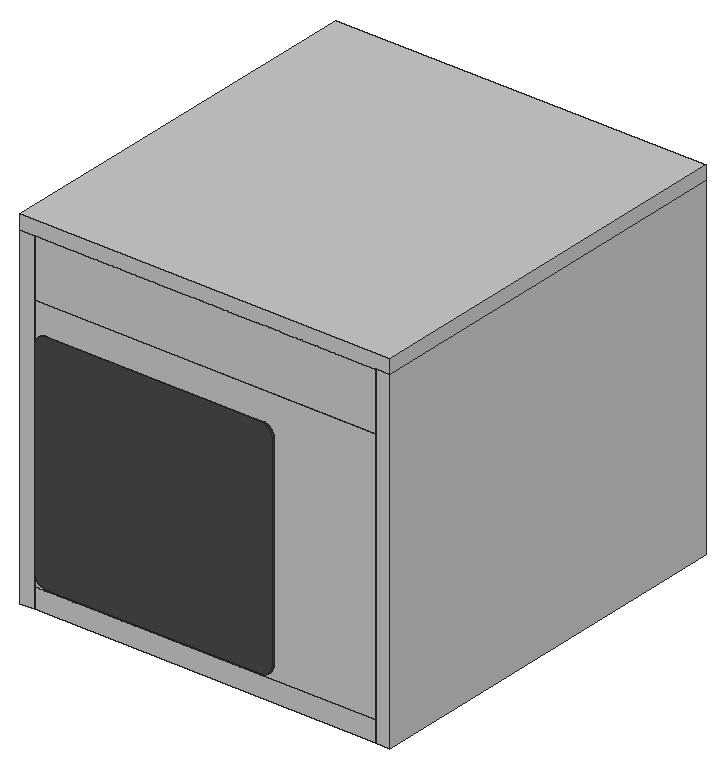
Revit family "QF_ZANUSSI_730290_IGF166I64SNP", category Attrezzature speciali, Revit 2018
Family settings
  Quota connettore circolare = Usa diametro
  Tipo di parte = Normale
  Basato su piano di lavoro = No
  Sempre verticale = Sì
  Taglio con vuoti quando caricato = No
  Condiviso = No
  Punto di calcolo locali = No
Parameters (values of type "Standard")
  Weight = 75.00 kg
  Watts = 0 W
  Volts = 220 V
  URL Manufacturer = "http://www.zanussiprofessional.com"
  URL = "http://www.zanussiprofessional.com"
  Steam Supply Size = 0 mm
  Steam Supply Minimum Pressure = 0.0 Pa
  Steam Supply Maximum Pressure = 0.0 Pa
  Steam Pounds per Hour = 0
  Show Logo [instance] = yes
  Show Clearance [instance] = yes
  Refrigeration Suction Line Size = 0 mm
  Refrigeration Liquid Line Size = 0 mm
  Refrigerant Compressor Remote = yes
  Produttore = "Zanussi"
  Phase = 1
  Modello = "IGF166I64SNP"
  Length Actual = 515 mm  # constant formula
  Item Number = "730290"
  Hot Water Size = 0 mm
  Height Actual = 1460 mm  # constant formula
  HP = "0 HP"
  Gas Size = 0 mm
  Gas KW = 0
  Gas Input Pressure = 0 W
  Descrizione = "WATER COOLED GRANULAR ICE 178KG/24H-BIN 60KG"
  Depth Actual = 550 mm  # constant formula
  Cycle = 50 Hz
  Condensate Return Size = 0 mm
  Compressed Air Volume = 0.0 L/s
  Compressed Air Size = 0 mm
  Compressed Air Pressure = 0.0 Pa
  Cold Water Size = 19.05 mm
  Accessory = yes
Reference planes
  plane 1 "Center X": y = 272.851
  plane 2: z = 0
  plane 3 "Center Y": x = -501.5
  plane 4 "LEFT": x = -759
  plane 5 "BACK": y = 547.851
  plane 6 "RIGHT": x = -244
  plane 7 "FRONT": y = -2.149
  plane 8 "TOP": z = 486
  plane 9: x = -739
  plane 10: x = -264
  plane 11: z = 28
  plane 12: z = 466
  plane 13: z = 386
Forms (mm)
  Extrusion 1, solid, material "QF_Finishes_Stainless Steel"
    sketch origin (0, 0, 0) x (1, 0, 0) y (0, 1, 0)
      loop
        line (-759, 547.851) -> (-759, -2.149) -> (-739, -2.149) -> (-739, 547.851) -> (-759, 547.851)
      loop
        line (-264, 547.851) -> (-264, -2.149) -> (-244, -2.149) -> (-244, 547.851) -> (-264, 547.851)
    from 0 to 466
  Extrusion 2, solid, material "QF_Finishes_Stainless Steel"
    sketch origin (0, 0, 0) x (1, 0, 0) y (0, 1, 0)
      loop
        line (-759, 547.851) -> (-759, -2.149) -> (-244, -2.149) -> (-244, 547.851) -> (-759, 547.851)
    from 466 to 486
  Extrusion 3, solid, material "QF_Finishes_Stainless Steel"
    sketch origin (0, 0, 0) x (1, 0, 0) y (0, 1, 0)
      loop
        line (-739, 547.851) -> (-739, -2.149) -> (-264, -2.149) -> (-264, 547.851) -> (-739, 547.851)
    from 0 to 28
  Extrusion 4, solid, material "QF_Finishes_Black"
    sketch origin (-264, -2.149, 0) x (-1, 0, 0) y (0, 0, -1)
      loop
        arc (457.5, -346) -> (468.107, -341.607) -> (472.5, -331) r 15
        line (472.5, -331) -> (472.5, -46.529)
        arc (472.5, -46.529) -> (468.107, -35.923) -> (457.5, -31.529) r 15
        line (457.5, -31.529) -> (156.771, -31.529)
        arc (156.771, -31.529) -> (146.165, -35.923) -> (141.771, -46.529) r 15
        line (141.771, -46.529) -> (141.771, -331)
        arc (141.771, -331) -> (146.165, -341.607) -> (156.771, -346) r 15
        line (156.771, -346) -> (457.5, -346)
    from 0 to 2
  Extrusion 5, solid, material "QF_Finishes_Stainless Steel"
    sketch origin (0, 0, 358) x (1, 0, 0) y (0, 1, 0)
      loop
        line (-739, 17.851) -> (-739, -2.149) -> (-264, -2.149) -> (-264, 17.851) -> (-739, 17.851)
    from 28 to 108
  Extrusion 6, solid, material "QF_Finishes_Stainless Steel"
    sketch origin (-501.5, 0, 0) x (0, 1, 0) y (0, 0, 1)
      loop
        line (547.851, 28) -> (547.851, 466) -> (17.851, 466) -> (17.851, 386) -> (-2.149, 386) -> (-2.149, 28) -> (547.851, 28)
    from -237.5 to 237.5
  Extrusion 7, solid, material "QF_Finishes_Stainless Steel"
    sketch origin (-530.119, 547.851, 466.153) x (0, 0, -1) y (-1, 0, 0)
      loop
        circle (415.153, -214.119) r 10
    from 0 to 10
  Extrusion 8, solid, material "QF_Finishes_Stainless Steel"
    sketch origin (-560.119, 547.851, 479.153) x (0, 0, -1) y (-1, 0, 0)
      loop
        circle (415.153, -214.119) r 10
    from 0 to 10
  Extrusion 9, solid, material "QF_Finishes_Stainless Steel"
    sketch origin (-570.119, 547.851, 454.153) x (0, 0, -1) y (-1, 0, 0)
      loop
        circle (415.153, -214.119) r 10
    from 0 to 10
Lines and regions (mm)
  Split face 1
    outline origin (-264, -2.149, 358) x (-1, 0, 0) y (0, 0, -1)
      loop
        line (111.166, -89.646) -> (111.166, -44.646) -> (36.166, -44.646) -> (36.166, -89.646) -> (111.166, -89.646)
  Split face 2
    outline origin (-264, -2.149, 358) x (-1, 0, 0) y (0, 0, -1)
      loop
        line (66.801, -84.104) -> (66.801, -49.914) -> (41.176, -49.914) -> (41.176, -84.104) -> (66.801, -84.104)
  symbolic lines
    curve 1: line (-759, 547.851, 0) -> (-244, 547.851, 0)
    curve 2: line (-759, -2.149, 0) -> (-759, 547.851, 0)
    curve 3: line (-244, -2.149, 0) -> (-759, -2.149, 0)
    curve 4: line (-244, 547.851, 0) -> (-244, -2.149, 0)
Dimensions and locks
  equal spacing: plane 4 "LEFT", plane 3 "Center Y", plane 6 "RIGHT"
  plane 4 "LEFT" to plane 6 "RIGHT" = 515 mm
  plane 5 "BACK" to plane 7 "FRONT" = 550 mm
  equal spacing: plane 5 "BACK", plane 1 "Center X", plane 7 "FRONT"
  plane 8 "TOP" to plane 2 = 486 mm
  locked: plane 4 "LEFT" to plane 9 at 20
  locked: plane 10 to plane 6 "RIGHT" at 20
  locked: plane 11 to plane 2 at 28
  locked: plane 8 "TOP" to plane 12 at 20
  locked: plane 12 to plane 13 at 80
  aligned and locked: level to plane 2
  aligned and locked: Extrusion 1 sketch curve to plane 5 "BACK"  (x2)
  aligned and locked: plane 4 "LEFT" to Extrusion 1 sketch curve
  aligned and locked: plane 7 "FRONT" to Extrusion 1 sketch curve  (x2)
  aligned and locked: Extrusion 1 sketch curve to plane 9
  aligned and locked: plane 10 to Extrusion 1 sketch curve
  aligned and locked: Extrusion 1 sketch curve to plane 6 "RIGHT"
  aligned and locked: plane 12 to Extrusion 1
  aligned and locked: Extrusion 2 sketch curve to Extrusion 1  (x4)
  aligned and locked: plane 8 "TOP" to Extrusion 2
  aligned and locked: Extrusion 2 to Extrusion 1
  aligned and locked: Extrusion 3 sketch curve to Extrusion 1  (x4)
  aligned and locked: plane 11 to Extrusion 3
  aligned and locked: Extrusion 6 sketch curve to plane 12
  aligned and locked: Extrusion 6 sketch curve to plane 5 "BACK"
  aligned and locked: plane 11 to Extrusion 6 sketch curve
  aligned and locked: plane 7 "FRONT" to Extrusion 6 sketch curve
  aligned and locked: Extrusion 6 sketch curve to plane 13
  aligned and locked: Extrusion 6 sketch curve to Extrusion 5
  aligned and locked: Extrusion 6 to plane 9
  aligned and locked: plane 10 to Extrusion 6
Automatic sketch dimensions
  curve 3 to plane 4 "LEFT" = 0 mm
  curve 3 to plane 6 "RIGHT" = 0 mm
  curve 3 to plane 7 "FRONT" = 0 mm
  curve 2 to plane 5 "BACK" = 0 mm
  plane 11 to Extrusion 4 sketch curve = 18.529 mm
  plane 3 "Center Y" to Extrusion 4 sketch curve = 95.729 mm
  plane 11 to Extrusion 4 sketch curve = 3.529 mm
  Extrusion 4 sketch curve to Extrusion 4 sketch curve = 15 mm
  plane 9 to Extrusion 4 sketch curve = 17.5 mm  (x2)
  plane 9 to Extrusion 4 sketch curve = 2.5 mm
  Extrusion 4 sketch curve to plane 13 = 55 mm
  Extrusion 5 sketch curve to plane 7 "FRONT" = 0 mm
  Extrusion 5 sketch curve to plane 9 = 0 mm
  Extrusion 5 sketch curve to plane 10 = 0 mm
  plane 7 "FRONT" to Extrusion 5 sketch curve = 20 mm
  Split face 1 sketch curve to Extrusion 5 = 36.166 mm
  Split face 1 sketch curve to Extrusion 5 = 16.646 mm
  Split face 1 sketch curve to Split face 1 sketch curve = 75 mm
  Split face 1 sketch curve to Extrusion 5 = 18.354 mm
  Split face 2 sketch curve to Extrusion 5 = 41.176 mm
  Split face 2 sketch curve to Split face 2 sketch curve = 25.625 mm
  Split face 2 sketch curve to Extrusion 5 = 23.896 mm
  Split face 2 sketch curve to Extrusion 5 = 21.914 mm
  Extrusion 6 to Extrusion 7 sketch curve = 23 mm
  Extrusion 6 to Extrusion 7 sketch curve = 52 mm
  Extrusion 6 to Extrusion 8 sketch curve = 36 mm
  Extrusion 6 to Extrusion 8 sketch curve = 82 mm
  Extrusion 6 to Extrusion 9 sketch curve = 11 mm
  Extrusion 6 to Extrusion 9 sketch curve = 92 mm
  radius of Extrusion 7 sketch curve = 10 mm
  radius of Extrusion 8 sketch curve = 10 mm
  radius of Extrusion 9 sketch curve = 10 mm
Connectors
  electrical at (-346, 557.851, 64), driven by "Volts"
    settings: on Extrusion 8, index 1, voltage 220 V, apparent load 0 VA, apparent load phase1 0 VA, apparent load phase2 0 VA, apparent load phase3 0 VA, power factor 1, load classification "Altro", number of poles 1, system type 30, power factor state 1, is connector primary yes, connector utility no, sub classification motor no, connector description "Electrical Connection"
  piping at (-316, 557.851, 51), diameter 20
    settings: on Extrusion 7, index 2, connector inside diameter 609.6 mm, connector length 0 mm, flow factor 0, pipe flow 0.0 L/s, pressure drop 0.0 Pa, fitting loss kfactor 0, connector angle 0.00°, fixture units 0, engagement length 0 mm, angle of deflection 0.00°, flow configuration 0, flow direction 0, fitting loss method 0, system type 20, joint type 0, gender type 0, connector reference index -1, connector utility 0, adjustable connector no, is connector primary yes, connector description "Cold Water"
  piping at (-356, 557.851, 39), diameter 20
    settings: on Extrusion 9, index 3, connector inside diameter 609.6 mm, connector length 0 mm, flow factor 0, pipe flow 0.0 L/s, pressure drop 0.0 Pa, fitting loss kfactor 0, connector angle 0.00°, fixture units 0, engagement length 0 mm, angle of deflection 0.00°, flow configuration 0, flow direction 0, fitting loss method 0, system type 16, joint type 0, gender type 0, connector reference index -1, connector utility 0, adjustable connector no, is connector primary no, connector description "Drain"
